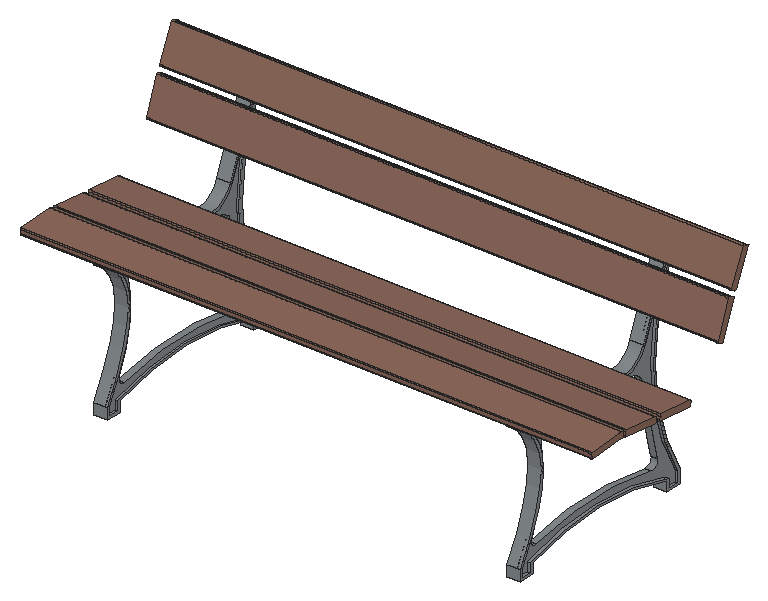
Revit family "Banco Bretana", category Furniture, Revit 2020
Family settings
  OmniClass Number = 23.40.20.00
  OmniClass Title = General Furniture and Specialties
  Work Plane-Based = No
  Always vertical = Yes
  Cut with Voids When Loaded = No
  Shared = No
  Room Calculation Point = No
Parameters (values of type "Banco Bretana-UM374-1800mm")
  URL Producto = "https://www.benito.com/es/mobiliario-urbano/bancos/bretana--UM374.html"
  Type Comments = "Anclaje recomendado: Mediante pernos de expansión M10 según superficie y proyecto"
  Referencia = "UM374"
  Material tablones = none
  Material Pies = none
  H1 = 0.445 m
  H = 0.770 m
  Ficha Tecnica = "https://www.benito.com/es/download/data-sheet-UM374"
  Fabricante = "BENITO URBAN SL"
  Description = "Banqueta fabricada con pies de fundición dúctil"
  Default Elevation = 0.000 m
  Banco Bretana-UM374B = no
  Banco Bretana-UM374 = yes
  B = 0.630 m
  A = 1.800 m
Types (2, lengths in m): name | URL Producto | Referencia | H | Ficha Tecnica | Banco Bretana-UM374B | Banco Bretana-UM374 | B
  Banco Bretana-UM374-1800mm | "https://www.benito.com/es/mobiliario-urbano/bancos/bretana--UM374.html" | "UM374" | 0.770 | "https://www.benito.com/es/download/data-sheet-UM374" | no | yes | 0.630
  Banco Bretana-UM374B-1800mm | "https://www.benito.com/es/mobiliario-urbano/bancos/bretana-b--UM374B.html" | "UM374B" | 0.000 | "https://www.benito.com/es/download/data-sheet-UM374B" | yes | no | 0.500
Reference planes (m)
  plane 1 "Center (Front/Back)": y = 0
  plane 2: z = 0
  plane 3 "Center (Left/Right)": x = 0
Dimensions and locks (m)
  aligned and locked: level to plane 2
Nested families (m)
  nested 1: "Banco Bretana-UM374" at (0, 0, 0), visible <- "Banco Bretana-UM374", type "Banco Bretana-UM374"
  nested 2: "Banco Bretana-UM374B" at (0, 0, 0), visible <- "Banco Bretana-UM374B", type "Banco Bretana-UM374B"
Definition of nested family "Banco Bretana-UM374"
  Parameters
    Default Elevation = 0.000 m
  Reference planes (m)
    plane 1 "Center (Front/Back)": y = 0
    plane 2: z = 0
    plane 3 "Center (Left/Right)": x = 0
    plane 4: y = -0.316111
    plane 5: y = 0.313858
    plane 6: z = 0.03
    plane 7: z = 0.03
  Forms (m)
    Extrusion 1, solid
      sketch origin (0, 0.014364, 0.003387) x (0, 0.999445, 0.033319) y (0, -0.033319, 0.999445)
        loop
          arc (-0.199057, 0.438481) -> (-0.196974, 0.439448) -> (-0.196185, 0.441605) r 0.003
          line (-0.196185, 0.441605) -> (-0.196713, 0.454154)
          arc (-0.196713, 0.454154) -> (-0.197679, 0.456236) -> (-0.199836, 0.457025) r 0.003
          line (-0.199836, 0.457025) -> (-0.312836, 0.452279)
          arc (-0.312836, 0.452279) -> (-0.314919, 0.451312) -> (-0.315708, 0.449156) r 0.003
          line (-0.315708, 0.449156) -> (-0.31518, 0.436607)
          arc (-0.31518, 0.436607) -> (-0.314214, 0.434524) -> (-0.312057, 0.433735) r 0.003
          line (-0.312057, 0.433735) -> (-0.199057, 0.438481)
      from -0.9 to 0.9
    Extrusion 2, solid
      sketch origin (0, 0.20495, -0.051142) x (0, 0.99098, -0.134006) y (0, 0.134006, 0.99098)
        loop
          arc (-0.198892, 0.434826) -> (-0.196809, 0.435792) -> (-0.196021, 0.437949) r 0.003
          line (-0.196021, 0.437949) -> (-0.196549, 0.450538)
          arc (-0.196549, 0.450538) -> (-0.197516, 0.45262) -> (-0.199673, 0.453409) r 0.003
          line (-0.199673, 0.453409) -> (-0.312684, 0.448662)
          arc (-0.312684, 0.448662) -> (-0.314767, 0.447696) -> (-0.315556, 0.445539) r 0.003
          line (-0.315556, 0.445539) -> (-0.315027, 0.43295)
          arc (-0.315027, 0.43295) -> (-0.31406, 0.430868) -> (-0.311904, 0.430079) r 0.003
          line (-0.311904, 0.430079) -> (-0.198892, 0.434826)
      from -0.9 to 0.9
    Extrusion 3, solid
      sketch origin (0, 0.056407, -0.041642) x (0, 0.987263, -0.159095) y (0, 0.159095, 0.987263)
        loop
          arc (-0.198903, 0.434825) -> (-0.196821, 0.435792) -> (-0.196032, 0.437948) r 0.003
          line (-0.196032, 0.437948) -> (-0.196561, 0.450537)
          arc (-0.196561, 0.450537) -> (-0.197528, 0.45262) -> (-0.199684, 0.453409) r 0.003
          line (-0.199684, 0.453409) -> (-0.312684, 0.448662)
          arc (-0.312684, 0.448662) -> (-0.314767, 0.447696) -> (-0.315556, 0.445539) r 0.003
          line (-0.315556, 0.445539) -> (-0.315027, 0.43295)
          arc (-0.315027, 0.43295) -> (-0.31406, 0.430868) -> (-0.311904, 0.430079) r 0.003
          line (-0.311904, 0.430079) -> (-0.198903, 0.434825)
      from -0.9 to 0.9
    Extrusion 4, solid
      sketch origin (0, 0.775026, 0.731758) x (0, 0.469428, 0.882971) y (0, -0.882971, 0.469428)
        loop
          arc (-0.198892, 0.434826) -> (-0.196809, 0.435792) -> (-0.196021, 0.437949) r 0.003
          line (-0.196021, 0.437949) -> (-0.196549, 0.450538)
          arc (-0.196549, 0.450538) -> (-0.197516, 0.45262) -> (-0.199673, 0.453409) r 0.003
          line (-0.199673, 0.453409) -> (-0.312684, 0.448662)
          arc (-0.312684, 0.448662) -> (-0.314767, 0.447696) -> (-0.315556, 0.445539) r 0.003
          line (-0.315556, 0.445539) -> (-0.315027, 0.43295)
          arc (-0.315027, 0.43295) -> (-0.31406, 0.430868) -> (-0.311904, 0.430079) r 0.003
          line (-0.311904, 0.430079) -> (-0.198892, 0.434826)
      from -0.9 to 0.9
    Extrusion 5, solid
      sketch origin (0, 0.718003, 0.648433) x (0, 0.397403, 0.917644) y (0, -0.917644, 0.397403)
        loop
          arc (-0.198892, 0.434826) -> (-0.196809, 0.435792) -> (-0.196021, 0.437949) r 0.003
          line (-0.196021, 0.437949) -> (-0.196549, 0.450538)
          arc (-0.196549, 0.450538) -> (-0.197516, 0.45262) -> (-0.199673, 0.453409) r 0.003
          line (-0.199673, 0.453409) -> (-0.312684, 0.448662)
          arc (-0.312684, 0.448662) -> (-0.314767, 0.447696) -> (-0.315556, 0.445539) r 0.003
          line (-0.315556, 0.445539) -> (-0.315027, 0.43295)
          arc (-0.315027, 0.43295) -> (-0.31406, 0.430868) -> (-0.311904, 0.430079) r 0.003
          line (-0.311904, 0.430079) -> (-0.198892, 0.434826)
      from -0.9 to 0.9
    Extrusion 6, void
      sketch origin (0, 0, 0) x (0, 1, 0) y (0, 0, -1)
        loop
          arc (0.177462, -0.453578) -> (0.231964, -0.601617) -> (0.298021, -0.744874) r 1.989966
          arc (0.298021, -0.744874) -> (0.304693, -0.733097) -> (0.309234, -0.720347) r 0.078185
          arc (0.309234, -0.720347) -> (0.212193, -0.380222) -> (0.309, -0.04003) r 0.645361
          line (0.309, -0.04003) -> (0.309, -0.006) -> (0.271, -0.006) -> (0.271, -0.03432)
          arc (0.271, -0.03432) -> (0, -0.078795) -> (-0.271, -0.03432) r 0.847874
          line (-0.271, -0.03432) -> (-0.271, -0.006) -> (-0.306348, -0.006) -> (-0.306348, -0.032639)
          spline (-0.306348, -0.032639) -> (-0.281535, -0.079987) -> (-0.26109, -0.124621) -> (-0.245015, -0.16654) -> (-0.233309, -0.205744) -> (-0.225971, -0.242234) -> (-0.223003, -0.276008) -> (-0.224404, -0.307068) -> (-0.230174, -0.335414) -> (-0.240313, -0.361044) -> (-0.254821, -0.38396) -> (-0.273699, -0.40416) -> (-0.296945, -0.421646)
          line (-0.296945, -0.421646) -> (-0.20281, -0.428639)
          arc (-0.20281, -0.428639) -> (-0.054676, -0.411589) -> (0.093796, -0.397798) r 6.782916
          arc (0.093796, -0.397798) -> (0.145333, -0.411133) -> (0.177462, -0.453578) r 0.081
        loop
          arc (0.14418, -0.375428) -> (0.168999, -0.364637) -> (0.18314, -0.341561) r 0.045
          line (0.18314, -0.341561) -> (0.243804, -0.098252)
          arc (0.243804, -0.098252) -> (0.238758, -0.079492) -> (0.220164, -0.073866) r 0.02
          arc (0.220164, -0.073866) -> (-0.006343, -0.096317) -> (-0.232033, -0.066763) r 0.996125
          arc (-0.232033, -0.066763) -> (-0.252491, -0.073668) -> (-0.254752, -0.095141) r 0.02
          arc (-0.254752, -0.095141) -> (-0.213427, -0.234891) -> (-0.223335, -0.380286) r 0.412035
          arc (-0.223335, -0.380286) -> (-0.217966, -0.402757) -> (-0.196473, -0.411233) r 0.025
          line (-0.196473, -0.411233) -> (0.14418, -0.375428)
      from 0.659408 to 0.717721
    Extrusion 7, void
      sketch origin (-1.3, 0, 0) x (0, 1, 0) y (0, 0, 1)
        loop
          arc (0.301734, 0.720347) -> (0.301748, 0.732894) -> (0.298021, 0.744874) r 0.041604
          arc (0.298021, 0.744874) -> (0.231964, 0.601617) -> (0.177462, 0.453578) r 1.989966
          arc (0.177462, 0.453578) -> (0.145333, 0.411133) -> (0.093796, 0.397798) r 0.081
          arc (0.093796, 0.397798) -> (-0.054676, 0.411589) -> (-0.20281, 0.428639) r 6.782916
          line (-0.20281, 0.428639) -> (-0.296945, 0.421646)
          spline (-0.296945, 0.421646) -> (-0.273699, 0.40416) -> (-0.254821, 0.38396) -> (-0.240313, 0.361044) -> (-0.230174, 0.335414) -> (-0.224404, 0.307068) -> (-0.223003, 0.276008) -> (-0.225971, 0.242234) -> (-0.233309, 0.205744) -> (-0.245015, 0.16654) -> (-0.26109, 0.124621) -> (-0.281535, 0.079987) -> (-0.306348, 0.032639)
          line (-0.306348, 0.032639) -> (-0.306348, 0.006) -> (-0.271, 0.006) -> (-0.271, 0.03432)
          arc (-0.271, 0.03432) -> (0, 0.078795) -> (0.271, 0.03432) r 0.847874
          line (0.271, 0.03432) -> (0.271, 0.006) -> (0.309, 0.006) -> (0.309, 0.028216)
          arc (0.309, 0.028216) -> (0.204728, 0.373225) -> (0.301734, 0.720347) r 0.645361
        loop
          line (0.14418, 0.375428) -> (-0.196473, 0.411233)
          arc (-0.196473, 0.411233) -> (-0.217966, 0.402757) -> (-0.223335, 0.380286) r 0.025
          arc (-0.223335, 0.380286) -> (-0.213427, 0.234891) -> (-0.254752, 0.095141) r 0.412035
          arc (-0.254752, 0.095141) -> (-0.252491, 0.073668) -> (-0.232033, 0.066763) r 0.02
          arc (-0.232033, 0.066763) -> (-0.006343, 0.096317) -> (0.220164, 0.073866) r 0.996125
          arc (0.220164, 0.073866) -> (0.238758, 0.079492) -> (0.243804, 0.098252) r 0.02
          line (0.243804, 0.098252) -> (0.18314, 0.341561)
          arc (0.18314, 0.341561) -> (0.168999, 0.364637) -> (0.14418, 0.375428) r 0.045
      from 0.662348 to 0.717721
    Extrusion 8, solid
      sketch origin (-0.568436, 0, 0) x (0, 1, 0) y (0, 0, -1)
        loop
          line (0.315, -0.041743) -> (0.315, 0) -> (0.265, 0) -> (0.265, -0.028266)
          arc (0.265, -0.028266) -> (0.264544, -0.029672) -> (0.263351, -0.030545) r 0.0024
          arc (0.263351, -0.030545) -> (-0.000018, -0.072795) -> (-0.263385, -0.030534) r 0.841874
          arc (-0.263385, -0.030534) -> (-0.264554, -0.029679) -> (-0.265, -0.028302) r 0.00235
          line (-0.265, -0.028302) -> (-0.265, 0) -> (-0.312348, 0) -> (-0.312348, -0.032639)
          spline (-0.312348, -0.032639) -> (-0.287064, -0.080968) -> (-0.266376, -0.126431) -> (-0.250286, -0.169029) -> (-0.238793, -0.20876) -> (-0.231897, -0.245626) -> (-0.229598, -0.279627) -> (-0.231897, -0.310761) -> (-0.238793, -0.33903) -> (-0.250286, -0.364433) -> (-0.266376, -0.386971) -> (-0.287064, -0.406642) -> (-0.312348, -0.423448)
          line (-0.312348, -0.423448) -> (-0.312348, -0.426519) -> (-0.202655, -0.434668)
          arc (-0.202655, -0.434668) -> (-0.054355, -0.417587) -> (0.094285, -0.403778) r 6.776916
          arc (0.094285, -0.403778) -> (0.142005, -0.416126) -> (0.171754, -0.455427) r 0.075
          arc (0.171754, -0.455427) -> (0.228557, -0.609053) -> (0.297764, -0.757505) r 1.995966
          arc (0.297764, -0.757505) -> (0.310546, -0.739192) -> (0.314332, -0.717183) r 0.05128
          arc (0.314332, -0.717183) -> (0.218193, -0.379367) -> (0.315, -0.041743) r 0.639361
        loop
          arc (0.243804, -0.098252) -> (0.238758, -0.079492) -> (0.220164, -0.073866) r 0.02
          arc (0.220164, -0.073866) -> (-0.006343, -0.096317) -> (-0.232033, -0.066763) r 0.996125
          arc (-0.232033, -0.066763) -> (-0.252491, -0.073668) -> (-0.254752, -0.095141) r 0.02
          arc (-0.254752, -0.095141) -> (-0.213427, -0.234891) -> (-0.223335, -0.380286) r 0.412035
          arc (-0.223335, -0.380286) -> (-0.217966, -0.402757) -> (-0.196473, -0.411233) r 0.025
          line (-0.196473, -0.411233) -> (0.14418, -0.375428)
          arc (0.14418, -0.375428) -> (0.168999, -0.364637) -> (0.18314, -0.341561) r 0.045
          line (0.18314, -0.341561) -> (0.243804, -0.098252)
      from 0.060765 to 0.102362
    Extrusion 9, void
      sketch origin (0, 0, 0) x (0, 1, 0) y (0, 0, 1)
        loop
          arc (0.177462, 0.453578) -> (0.145333, 0.411133) -> (0.093796, 0.397798) r 0.081
          arc (0.093796, 0.397798) -> (-0.054676, 0.411589) -> (-0.20281, 0.428639) r 6.782916
          line (-0.20281, 0.428639) -> (-0.296945, 0.421646)
          spline (-0.296945, 0.421646) -> (-0.273699, 0.40416) -> (-0.254821, 0.38396) -> (-0.240313, 0.361044) -> (-0.230174, 0.335414) -> (-0.224404, 0.307068) -> (-0.223003, 0.276008) -> (-0.225971, 0.242234) -> (-0.233309, 0.205744) -> (-0.245015, 0.16654) -> (-0.26109, 0.124621) -> (-0.281535, 0.079987) -> (-0.306348, 0.032639)
          line (-0.306348, 0.032639) -> (-0.306348, 0.006) -> (-0.271, 0.006) -> (-0.271, 0.03432)
          arc (-0.271, 0.03432) -> (0, 0.078795) -> (0.271, 0.03432) r 0.847874
          line (0.271, 0.03432) -> (0.271, 0.006) -> (0.309, 0.006) -> (0.309, 0.04003)
          arc (0.309, 0.04003) -> (0.212193, 0.380222) -> (0.309234, 0.720347) r 0.645361
          arc (0.309234, 0.720347) -> (0.304693, 0.733097) -> (0.298021, 0.744874) r 0.078185
          arc (0.298021, 0.744874) -> (0.231964, 0.601617) -> (0.177462, 0.453578) r 1.989966
        loop
          line (0.14418, 0.375428) -> (-0.196473, 0.411233)
          arc (-0.196473, 0.411233) -> (-0.217966, 0.402757) -> (-0.223335, 0.380286) r 0.025
          arc (-0.223335, 0.380286) -> (-0.213427, 0.234891) -> (-0.254752, 0.095141) r 0.412035
          arc (-0.254752, 0.095141) -> (-0.252491, 0.073668) -> (-0.232033, 0.066763) r 0.02
          arc (-0.232033, 0.066763) -> (-0.006343, 0.096317) -> (0.220164, 0.073866) r 0.996125
          arc (0.220164, 0.073866) -> (0.238758, 0.079492) -> (0.243804, 0.098252) r 0.02
          line (0.243804, 0.098252) -> (0.18314, 0.341561)
          arc (0.18314, 0.341561) -> (0.168999, 0.364637) -> (0.14418, 0.375428) r 0.045
      from 0.659408 to 0.717721
    Extrusion 10, void
      sketch origin (1.3, 0, 0) x (0, 1, 0) y (0, 0, -1)
        loop
          arc (0.301734, -0.720347) -> (0.204728, -0.373225) -> (0.309, -0.028216) r 0.645361
          line (0.309, -0.028216) -> (0.309, -0.006) -> (0.271, -0.006) -> (0.271, -0.03432)
          arc (0.271, -0.03432) -> (0, -0.078795) -> (-0.271, -0.03432) r 0.847874
          line (-0.271, -0.03432) -> (-0.271, -0.006) -> (-0.306348, -0.006) -> (-0.306348, -0.032639)
          spline (-0.306348, -0.032639) -> (-0.281535, -0.079987) -> (-0.26109, -0.124621) -> (-0.245015, -0.16654) -> (-0.233309, -0.205744) -> (-0.225971, -0.242234) -> (-0.223003, -0.276008) -> (-0.224404, -0.307068) -> (-0.230174, -0.335414) -> (-0.240313, -0.361044) -> (-0.254821, -0.38396) -> (-0.273699, -0.40416) -> (-0.296945, -0.421646)
          line (-0.296945, -0.421646) -> (-0.20281, -0.428639)
          arc (-0.20281, -0.428639) -> (-0.054676, -0.411589) -> (0.093796, -0.397798) r 6.782916
          arc (0.093796, -0.397798) -> (0.145333, -0.411133) -> (0.177462, -0.453578) r 0.081
          arc (0.177462, -0.453578) -> (0.231964, -0.601617) -> (0.298021, -0.744874) r 1.989966
          arc (0.298021, -0.744874) -> (0.301748, -0.732894) -> (0.301734, -0.720347) r 0.041604
        loop
          arc (0.14418, -0.375428) -> (0.168999, -0.364637) -> (0.18314, -0.341561) r 0.045
          line (0.18314, -0.341561) -> (0.243804, -0.098252)
          arc (0.243804, -0.098252) -> (0.238758, -0.079492) -> (0.220164, -0.073866) r 0.02
          arc (0.220164, -0.073866) -> (-0.006343, -0.096317) -> (-0.232033, -0.066763) r 0.996125
          arc (-0.232033, -0.066763) -> (-0.252491, -0.073668) -> (-0.254752, -0.095141) r 0.02
          arc (-0.254752, -0.095141) -> (-0.213427, -0.234891) -> (-0.223335, -0.380286) r 0.412035
          arc (-0.223335, -0.380286) -> (-0.217966, -0.402757) -> (-0.196473, -0.411233) r 0.025
          line (-0.196473, -0.411233) -> (0.14418, -0.375428)
      from 0.662348 to 0.717721
    Extrusion 11, solid
      sketch origin (0.568436, 0, 0) x (0, 1, 0) y (0, 0, 1)
        loop
          arc (0.315, 0.041743) -> (0.218193, 0.379367) -> (0.314332, 0.717183) r 0.639361
          arc (0.314332, 0.717183) -> (0.310546, 0.739192) -> (0.297764, 0.757505) r 0.05128
          arc (0.297764, 0.757505) -> (0.228557, 0.609053) -> (0.171754, 0.455427) r 1.995966
          arc (0.171754, 0.455427) -> (0.142005, 0.416126) -> (0.094285, 0.403778) r 0.075
          arc (0.094285, 0.403778) -> (-0.054355, 0.417587) -> (-0.202655, 0.434668) r 6.776916
          line (-0.202655, 0.434668) -> (-0.312348, 0.426519) -> (-0.312348, 0.423448)
          spline (-0.312348, 0.423448) -> (-0.287064, 0.406642) -> (-0.266376, 0.386971) -> (-0.250286, 0.364433) -> (-0.238793, 0.33903) -> (-0.231897, 0.310761) -> (-0.229598, 0.279627) -> (-0.231897, 0.245626) -> (-0.238793, 0.20876) -> (-0.250286, 0.169029) -> (-0.266376, 0.126431) -> (-0.287064, 0.080968) -> (-0.312348, 0.032639)
          line (-0.312348, 0.032639) -> (-0.312348, 0) -> (-0.265, 0) -> (-0.265, 0.028302)
          arc (-0.265, 0.028302) -> (-0.264554, 0.029679) -> (-0.263385, 0.030534) r 0.00235
          arc (-0.263385, 0.030534) -> (-0.000018, 0.072795) -> (0.263351, 0.030545) r 0.841874
          arc (0.263351, 0.030545) -> (0.264544, 0.029672) -> (0.265, 0.028266) r 0.0024
          line (0.265, 0.028266) -> (0.265, 0) -> (0.315, 0) -> (0.315, 0.041743)
        loop
          line (0.243804, 0.098252) -> (0.18314, 0.341561)
          arc (0.18314, 0.341561) -> (0.168999, 0.364637) -> (0.14418, 0.375428) r 0.045
          line (0.14418, 0.375428) -> (-0.196473, 0.411233)
          arc (-0.196473, 0.411233) -> (-0.217966, 0.402757) -> (-0.223335, 0.380286) r 0.025
          arc (-0.223335, 0.380286) -> (-0.213427, 0.234891) -> (-0.254752, 0.095141) r 0.412035
          arc (-0.254752, 0.095141) -> (-0.252491, 0.073668) -> (-0.232033, 0.066763) r 0.02
          arc (-0.232033, 0.066763) -> (-0.006343, 0.096317) -> (0.220164, 0.073866) r 0.996125
          arc (0.220164, 0.073866) -> (0.238758, 0.079492) -> (0.243804, 0.098252) r 0.02
      from 0.060765 to 0.102362
  Cuts and joins
    Extrusion 6, Extrusion 7, Extrusion 9, Extrusion 10 cuts Extrusion 8
    Extrusion 9, Extrusion 10 cuts Extrusion 11
  Dimensions and locks (m)
    Extrusion 4 to Extrusion 4 = 1.800 m
    Extrusion 1 to level = 0.445 m
    Extrusion 4 to level = 0.770 m
    plane 5 to Extrusion 1 = 0.630 m
    aligned and locked: level to plane 2
Definition of nested family "Banco Bretana-UM374B"
  Parameters
    Default Elevation = 0.000 m
  Reference planes (m)
    plane 1 "Center (Front/Back)": y = 0
    plane 2: z = 0
    plane 3 "Center (Left/Right)": x = 0
    plane 4: y = -0.316111
    plane 5: y = 0.313858
    plane 6: y = -0.25
    plane 7: y = 0.25
    plane 8: z = 0.445
    plane 9: y = -0.25
    plane 10: y = 0.25
    plane 11: z = 0.445
    plane 12: y = -0.25
    plane 13: y = 0.25
  Forms (m)
    Extrusion 1, solid
      sketch origin (0, -0.064513, -0.006695) x (0, -0.999999, 0.00148) y (0, -0.00148, -0.999999)
        loop
          line (-0.197223, -0.42885) -> (-0.310223, -0.424103)
          arc (-0.310223, -0.424103) -> (-0.312379, -0.424892) -> (-0.313346, -0.426975) r 0.003
          line (-0.313346, -0.426975) -> (-0.313875, -0.439564)
          arc (-0.313875, -0.439564) -> (-0.313086, -0.44172) -> (-0.311003, -0.442687) r 0.003
          line (-0.311003, -0.442687) -> (-0.198003, -0.447433)
          arc (-0.198003, -0.447433) -> (-0.195847, -0.446644) -> (-0.19488, -0.444562) r 0.003
          line (-0.19488, -0.444562) -> (-0.194351, -0.431973)
          arc (-0.194351, -0.431973) -> (-0.19514, -0.429816) -> (-0.197223, -0.42885) r 0.003
      from -0.9 to 0.9
    Extrusion 2, solid
      sketch origin (0, -0.182927, -0.012111) x (0, -0.999821, -0.018937) y (0, 0.018937, -0.999821)
        loop
          line (-0.198892, -0.434826) -> (-0.311904, -0.430079)
          arc (-0.311904, -0.430079) -> (-0.31406, -0.430868) -> (-0.315027, -0.43295) r 0.003
          line (-0.315027, -0.43295) -> (-0.315556, -0.445539)
          arc (-0.315556, -0.445539) -> (-0.314767, -0.447696) -> (-0.312684, -0.448662) r 0.003
          line (-0.312684, -0.448662) -> (-0.199673, -0.453409)
          arc (-0.199673, -0.453409) -> (-0.197516, -0.45262) -> (-0.196549, -0.450538) r 0.003
          line (-0.196549, -0.450538) -> (-0.196021, -0.437949)
          arc (-0.196021, -0.437949) -> (-0.196809, -0.435792) -> (-0.198892, -0.434826) r 0.003
      from -0.9 to 0.9
    Extrusion 3, solid
      sketch origin (0, 0.073854, -0.000575) x (0, 0.999722, 0.023558) y (0, -0.023558, 0.999722)
        loop
          arc (-0.197223, 0.42885) -> (-0.19514, 0.429816) -> (-0.194351, 0.431973) r 0.003
          line (-0.194351, 0.431973) -> (-0.19488, 0.444562)
          arc (-0.19488, 0.444562) -> (-0.195847, 0.446644) -> (-0.198003, 0.447433) r 0.003
          line (-0.198003, 0.447433) -> (-0.311003, 0.442687)
          arc (-0.311003, 0.442687) -> (-0.313086, 0.44172) -> (-0.313875, 0.439564) r 0.003
          line (-0.313875, 0.439564) -> (-0.313346, 0.426975)
          arc (-0.313346, 0.426975) -> (-0.312379, 0.424892) -> (-0.310223, 0.424103) r 0.003
          line (-0.310223, 0.424103) -> (-0.197223, 0.42885)
      from -0.9 to 0.9
    Extrusion 4, solid
      sketch origin (0, 0.182927, -0.013204) x (0, 0.999821, -0.018937) y (0, 0.018937, 0.999821)
        loop
          arc (-0.198892, 0.434826) -> (-0.196809, 0.435792) -> (-0.196021, 0.437949) r 0.003
          line (-0.196021, 0.437949) -> (-0.196549, 0.450538)
          arc (-0.196549, 0.450538) -> (-0.197516, 0.45262) -> (-0.199673, 0.453409) r 0.003
          line (-0.199673, 0.453409) -> (-0.312684, 0.448662)
          arc (-0.312684, 0.448662) -> (-0.314767, 0.447696) -> (-0.315556, 0.445539) r 0.003
          line (-0.315556, 0.445539) -> (-0.315027, 0.43295)
          arc (-0.315027, 0.43295) -> (-0.31406, 0.430868) -> (-0.311904, 0.430079) r 0.003
          line (-0.311904, 0.430079) -> (-0.198892, 0.434826)
      from -0.9 to 0.9
    Extrusion 5, solid
      sketch origin (-0.602743, 0, 0) x (0, 1, 0) y (0, 0, -1)
        loop
          spline (-0.245, -0.032639) -> (-0.223417, -0.083736) -> (-0.205758, -0.131261) -> (-0.192023, -0.175214) -> (-0.182213, -0.215594) -> (-0.176326, -0.252403) -> (-0.174364, -0.285638) -> (-0.176326, -0.315302) -> (-0.182213, -0.341393) -> (-0.192023, -0.363912) -> (-0.205758, -0.382858) -> (-0.223417, -0.398233) -> (-0.245, -0.410035)
          line (-0.245, -0.410035) -> (-0.245, -0.41592)
          arc (-0.245, -0.41592) -> (-0.186432, -0.420054) -> (-0.127797, -0.423097) r 3.153039
          arc (-0.127797, -0.423097) -> (0.058693, -0.425514) -> (0.245, -0.4169) r 3.153039
          line (0.245, -0.4169) -> (0.245, -0.410035)
          spline (0.245, -0.410035) -> (0.223417, -0.398233) -> (0.205758, -0.382858) -> (0.192023, -0.363912) -> (0.182213, -0.341393) -> (0.176326, -0.315302) -> (0.174364, -0.285638) -> (0.176326, -0.252403) -> (0.182213, -0.215594) -> (0.192023, -0.175214) -> (0.205758, -0.131261) -> (0.223417, -0.083736) -> (0.245, -0.032639)
          line (0.245, -0.032639) -> (0.245, 0) -> (0.195, 0) -> (0.195, -0.025911)
          arc (0.195, -0.025911) -> (0, -0.060853) -> (-0.195, -0.025911) r 0.561594
          line (-0.195, -0.025911) -> (-0.195, 0) -> (-0.245, 0) -> (-0.245, -0.032639)
        loop
          arc (-0.15678, -0.361709) -> (-0.154016, -0.376466) -> (-0.141763, -0.385142) r 0.02
          arc (-0.141763, -0.385142) -> (0, -0.401616) -> (0.141763, -0.385142) r 0.618162
          arc (0.141763, -0.385142) -> (0.154016, -0.376466) -> (0.15678, -0.361709) r 0.02
          arc (0.15678, -0.361709) -> (0.152231, -0.225437) -> (0.192403, -0.095141) r 0.412035
          arc (0.192403, -0.095141) -> (0.190142, -0.073668) -> (0.169684, -0.066763) r 0.02
          arc (0.169684, -0.066763) -> (0, -0.093091) -> (-0.169684, -0.066763) r 0.559976
          arc (-0.169684, -0.066763) -> (-0.190142, -0.073668) -> (-0.192403, -0.095141) r 0.02
          arc (-0.192403, -0.095141) -> (-0.152231, -0.225437) -> (-0.15678, -0.361709) r 0.412035
      from 0.026241 to 0.068273
    Extrusion 6, void
      sketch origin (-1.3, 0, 0) x (0, 1, 0) y (0, 0, -1)
        loop
          arc (0, -0.419943) -> (0.119582, -0.417909) -> (0.239, -0.411333) r 3.147039
          line (0.239, -0.411333) -> (0.239, -0.410035)
          spline (0.239, -0.410035) -> (0.216875, -0.399449) -> (0.198773, -0.38507) -> (0.184694, -0.366897) -> (0.174637, -0.344931) -> (0.168603, -0.319172) -> (0.166592, -0.289619) -> (0.168603, -0.256272) -> (0.174637, -0.219132) -> (0.184694, -0.178199) -> (0.198773, -0.133472) -> (0.216875, -0.084952) -> (0.239, -0.032639)
          line (0.239, -0.032639) -> (0.239, -0.006) -> (0.200552, -0.006) -> (0.200552, -0.030805)
          arc (0.200552, -0.030805) -> (0.199639, -0.033686) -> (0.197232, -0.035515) r 0.005
          arc (0.197232, -0.035515) -> (0, -0.069623) -> (-0.197232, -0.035515) r 0.587308
          arc (-0.197232, -0.035515) -> (-0.199639, -0.033686) -> (-0.200552, -0.030805) r 0.005
          line (-0.200552, -0.030805) -> (-0.200552, -0.006) -> (-0.239, -0.006) -> (-0.239, -0.032639)
          spline (-0.239, -0.032639) -> (-0.216875, -0.084952) -> (-0.198773, -0.133472) -> (-0.184694, -0.178199) -> (-0.174637, -0.219132) -> (-0.168603, -0.256272) -> (-0.166592, -0.289619) -> (-0.168603, -0.319172) -> (-0.174637, -0.344931) -> (-0.184694, -0.366897) -> (-0.198773, -0.38507) -> (-0.216875, -0.399449) -> (-0.239, -0.410035)
          line (-0.239, -0.410035) -> (-0.239, -0.411333)
          arc (-0.239, -0.411333) -> (-0.119582, -0.417909) -> (0, -0.419943) r 3.147039
        loop
          arc (0.141763, -0.385142) -> (0.154016, -0.376466) -> (0.15678, -0.361709) r 0.02
          arc (0.15678, -0.361709) -> (0.152231, -0.225437) -> (0.192403, -0.095141) r 0.412035
          arc (0.192403, -0.095141) -> (0.190142, -0.073668) -> (0.169684, -0.066763) r 0.02
          arc (0.169684, -0.066763) -> (0, -0.093091) -> (-0.169684, -0.066763) r 0.559976
          arc (-0.169684, -0.066763) -> (-0.190142, -0.073668) -> (-0.192403, -0.095141) r 0.02
          arc (-0.192403, -0.095141) -> (-0.152231, -0.225437) -> (-0.15678, -0.361709) r 0.412035
          arc (-0.15678, -0.361709) -> (-0.154016, -0.376466) -> (-0.141763, -0.385142) r 0.02
          arc (-0.141763, -0.385142) -> (0, -0.401616) -> (0.141763, -0.385142) r 0.618162
      from -0.639692 to -0.598666
    Extrusion 7, void
      sketch origin (0, 0, 0) x (0, 1, 0) y (0, 0, 1)
        loop
          arc (0, 0.419943) -> (-0.119582, 0.417909) -> (-0.239, 0.411333) r 3.147039
          line (-0.239, 0.411333) -> (-0.239, 0.410035)
          spline (-0.239, 0.410035) -> (-0.216875, 0.399449) -> (-0.198773, 0.38507) -> (-0.184694, 0.366897) -> (-0.174637, 0.344931) -> (-0.168603, 0.319172) -> (-0.166592, 0.289619) -> (-0.168603, 0.256272) -> (-0.174637, 0.219132) -> (-0.184694, 0.178199) -> (-0.198773, 0.133472) -> (-0.216875, 0.084952) -> (-0.239, 0.032639)
          line (-0.239, 0.032639) -> (-0.239, 0.006) -> (-0.200552, 0.006) -> (-0.200552, 0.030805)
          arc (-0.200552, 0.030805) -> (-0.199639, 0.033686) -> (-0.197232, 0.035515) r 0.005
          arc (-0.197232, 0.035515) -> (0, 0.069623) -> (0.197232, 0.035515) r 0.587308
          arc (0.197232, 0.035515) -> (0.199639, 0.033686) -> (0.200552, 0.030805) r 0.005
          line (0.200552, 0.030805) -> (0.200552, 0.006) -> (0.239, 0.006) -> (0.239, 0.032639)
          spline (0.239, 0.032639) -> (0.216875, 0.084952) -> (0.198773, 0.133472) -> (0.184694, 0.178199) -> (0.174637, 0.219132) -> (0.168603, 0.256272) -> (0.166592, 0.289619) -> (0.168603, 0.319172) -> (0.174637, 0.344931) -> (0.184694, 0.366897) -> (0.198773, 0.38507) -> (0.216875, 0.399449) -> (0.239, 0.410035)
          line (0.239, 0.410035) -> (0.239, 0.411333)
          arc (0.239, 0.411333) -> (0.119582, 0.417909) -> (0, 0.419943) r 3.147039
        loop
          arc (0.141763, 0.385142) -> (0, 0.401616) -> (-0.141763, 0.385142) r 0.618162
          arc (-0.141763, 0.385142) -> (-0.154016, 0.376466) -> (-0.15678, 0.361709) r 0.02
          arc (-0.15678, 0.361709) -> (-0.152231, 0.225437) -> (-0.192403, 0.095141) r 0.412035
          arc (-0.192403, 0.095141) -> (-0.190142, 0.073668) -> (-0.169684, 0.066763) r 0.02
          arc (-0.169684, 0.066763) -> (0, 0.093091) -> (0.169684, 0.066763) r 0.559976
          arc (0.169684, 0.066763) -> (0.190142, 0.073668) -> (0.192403, 0.095141) r 0.02
          arc (0.192403, 0.095141) -> (0.152231, 0.225437) -> (0.15678, 0.361709) r 0.412035
          arc (0.15678, 0.361709) -> (0.154016, 0.376466) -> (0.141763, 0.385142) r 0.02
      from -0.639692 to -0.598666
    Extrusion 8, solid
      sketch origin (0.602743, 0, 0) x (0, 1, 0) y (0, 0, 1)
        loop
          line (-0.245, 0.032639) -> (-0.245, 0) -> (-0.195, 0) -> (-0.195, 0.025911)
          arc (-0.195, 0.025911) -> (0, 0.060853) -> (0.195, 0.025911) r 0.561594
          line (0.195, 0.025911) -> (0.195, 0) -> (0.245, 0) -> (0.245, 0.032639)
          spline (0.245, 0.032639) -> (0.223417, 0.083736) -> (0.205758, 0.131261) -> (0.192023, 0.175214) -> (0.182213, 0.215594) -> (0.176326, 0.252403) -> (0.174364, 0.285638) -> (0.176326, 0.315302) -> (0.182213, 0.341393) -> (0.192023, 0.363912) -> (0.205758, 0.382858) -> (0.223417, 0.398233) -> (0.245, 0.410035)
          line (0.245, 0.410035) -> (0.245, 0.4169)
          arc (0.245, 0.4169) -> (0.058693, 0.425514) -> (-0.127797, 0.423097) r 3.153039
          arc (-0.127797, 0.423097) -> (-0.186432, 0.420054) -> (-0.245, 0.41592) r 3.153039
          line (-0.245, 0.41592) -> (-0.245, 0.410035)
          spline (-0.245, 0.410035) -> (-0.223417, 0.398233) -> (-0.205758, 0.382858) -> (-0.192023, 0.363912) -> (-0.182213, 0.341393) -> (-0.176326, 0.315302) -> (-0.174364, 0.285638) -> (-0.176326, 0.252403) -> (-0.182213, 0.215594) -> (-0.192023, 0.175214) -> (-0.205758, 0.131261) -> (-0.223417, 0.083736) -> (-0.245, 0.032639)
        loop
          arc (-0.15678, 0.361709) -> (-0.152231, 0.225437) -> (-0.192403, 0.095141) r 0.412035
          arc (-0.192403, 0.095141) -> (-0.190142, 0.073668) -> (-0.169684, 0.066763) r 0.02
          arc (-0.169684, 0.066763) -> (0, 0.093091) -> (0.169684, 0.066763) r 0.559976
          arc (0.169684, 0.066763) -> (0.190142, 0.073668) -> (0.192403, 0.095141) r 0.02
          arc (0.192403, 0.095141) -> (0.152231, 0.225437) -> (0.15678, 0.361709) r 0.412035
          arc (0.15678, 0.361709) -> (0.154016, 0.376466) -> (0.141763, 0.385142) r 0.02
          arc (0.141763, 0.385142) -> (0, 0.401616) -> (-0.141763, 0.385142) r 0.618162
          arc (-0.141763, 0.385142) -> (-0.154016, 0.376466) -> (-0.15678, 0.361709) r 0.02
      from 0.026241 to 0.068273
    Extrusion 9, void
      sketch origin (1.3, 0, 0) x (0, 1, 0) y (0, 0, 1)
        loop
          arc (0, 0.419943) -> (-0.119582, 0.417909) -> (-0.239, 0.411333) r 3.147039
          line (-0.239, 0.411333) -> (-0.239, 0.410035)
          spline (-0.239, 0.410035) -> (-0.216875, 0.399449) -> (-0.198773, 0.38507) -> (-0.184694, 0.366897) -> (-0.174637, 0.344931) -> (-0.168603, 0.319172) -> (-0.166592, 0.289619) -> (-0.168603, 0.256272) -> (-0.174637, 0.219132) -> (-0.184694, 0.178199) -> (-0.198773, 0.133472) -> (-0.216875, 0.084952) -> (-0.239, 0.032639)
          line (-0.239, 0.032639) -> (-0.239, 0.006) -> (-0.200552, 0.006) -> (-0.200552, 0.030805)
          arc (-0.200552, 0.030805) -> (-0.199639, 0.033686) -> (-0.197232, 0.035515) r 0.005
          arc (-0.197232, 0.035515) -> (0, 0.069623) -> (0.197232, 0.035515) r 0.587308
          arc (0.197232, 0.035515) -> (0.199639, 0.033686) -> (0.200552, 0.030805) r 0.005
          line (0.200552, 0.030805) -> (0.200552, 0.006) -> (0.239, 0.006) -> (0.239, 0.032639)
          spline (0.239, 0.032639) -> (0.216875, 0.084952) -> (0.198773, 0.133472) -> (0.184694, 0.178199) -> (0.174637, 0.219132) -> (0.168603, 0.256272) -> (0.166592, 0.289619) -> (0.168603, 0.319172) -> (0.174637, 0.344931) -> (0.184694, 0.366897) -> (0.198773, 0.38507) -> (0.216875, 0.399449) -> (0.239, 0.410035)
          line (0.239, 0.410035) -> (0.239, 0.411333)
          arc (0.239, 0.411333) -> (0.119582, 0.417909) -> (0, 0.419943) r 3.147039
        loop
          arc (0.141763, 0.385142) -> (0, 0.401616) -> (-0.141763, 0.385142) r 0.618162
          arc (-0.141763, 0.385142) -> (-0.154016, 0.376466) -> (-0.15678, 0.361709) r 0.02
          arc (-0.15678, 0.361709) -> (-0.152231, 0.225437) -> (-0.192403, 0.095141) r 0.412035
          arc (-0.192403, 0.095141) -> (-0.190142, 0.073668) -> (-0.169684, 0.066763) r 0.02
          arc (-0.169684, 0.066763) -> (0, 0.093091) -> (0.169684, 0.066763) r 0.559976
          arc (0.169684, 0.066763) -> (0.190142, 0.073668) -> (0.192403, 0.095141) r 0.02
          arc (0.192403, 0.095141) -> (0.152231, 0.225437) -> (0.15678, 0.361709) r 0.412035
          arc (0.15678, 0.361709) -> (0.154016, 0.376466) -> (0.141763, 0.385142) r 0.02
      from -0.639692 to -0.598666
    Extrusion 10, void
      sketch origin (0, 0, 0) x (0, 1, 0) y (0, 0, -1)
        loop
          arc (0, -0.419943) -> (0.119582, -0.417909) -> (0.239, -0.411333) r 3.147039
          line (0.239, -0.411333) -> (0.239, -0.410035)
          spline (0.239, -0.410035) -> (0.216875, -0.399449) -> (0.198773, -0.38507) -> (0.184694, -0.366897) -> (0.174637, -0.344931) -> (0.168603, -0.319172) -> (0.166592, -0.289619) -> (0.168603, -0.256272) -> (0.174637, -0.219132) -> (0.184694, -0.178199) -> (0.198773, -0.133472) -> (0.216875, -0.084952) -> (0.239, -0.032639)
          line (0.239, -0.032639) -> (0.239, -0.006) -> (0.200552, -0.006) -> (0.200552, -0.030805)
          arc (0.200552, -0.030805) -> (0.199639, -0.033686) -> (0.197232, -0.035515) r 0.005
          arc (0.197232, -0.035515) -> (0, -0.069623) -> (-0.197232, -0.035515) r 0.587308
          arc (-0.197232, -0.035515) -> (-0.199639, -0.033686) -> (-0.200552, -0.030805) r 0.005
          line (-0.200552, -0.030805) -> (-0.200552, -0.006) -> (-0.239, -0.006) -> (-0.239, -0.032639)
          spline (-0.239, -0.032639) -> (-0.216875, -0.084952) -> (-0.198773, -0.133472) -> (-0.184694, -0.178199) -> (-0.174637, -0.219132) -> (-0.168603, -0.256272) -> (-0.166592, -0.289619) -> (-0.168603, -0.319172) -> (-0.174637, -0.344931) -> (-0.184694, -0.366897) -> (-0.198773, -0.38507) -> (-0.216875, -0.399449) -> (-0.239, -0.410035)
          line (-0.239, -0.410035) -> (-0.239, -0.411333)
          arc (-0.239, -0.411333) -> (-0.119582, -0.417909) -> (0, -0.419943) r 3.147039
        loop
          arc (0.141763, -0.385142) -> (0.154016, -0.376466) -> (0.15678, -0.361709) r 0.02
          arc (0.15678, -0.361709) -> (0.152231, -0.225437) -> (0.192403, -0.095141) r 0.412035
          arc (0.192403, -0.095141) -> (0.190142, -0.073668) -> (0.169684, -0.066763) r 0.02
          arc (0.169684, -0.066763) -> (0, -0.093091) -> (-0.169684, -0.066763) r 0.559976
          arc (-0.169684, -0.066763) -> (-0.190142, -0.073668) -> (-0.192403, -0.095141) r 0.02
          arc (-0.192403, -0.095141) -> (-0.152231, -0.225437) -> (-0.15678, -0.361709) r 0.412035
          arc (-0.15678, -0.361709) -> (-0.154016, -0.376466) -> (-0.141763, -0.385142) r 0.02
          arc (-0.141763, -0.385142) -> (0, -0.401616) -> (0.141763, -0.385142) r 0.618162
      from -0.639692 to -0.598666
  Cuts and joins
    Extrusion 6, Extrusion 7, Extrusion 9, Extrusion 10 cuts Extrusion 5
    Extrusion 9, Extrusion 10 cuts Extrusion 8
  Dimensions and locks (m)
    plane 7 to plane 6 = 0.500 m
    Extrusion 3 to Extrusion 3 = 1.800 m
    Extrusion 2 to level = 0.444999 m
    aligned and locked: level to plane 2
